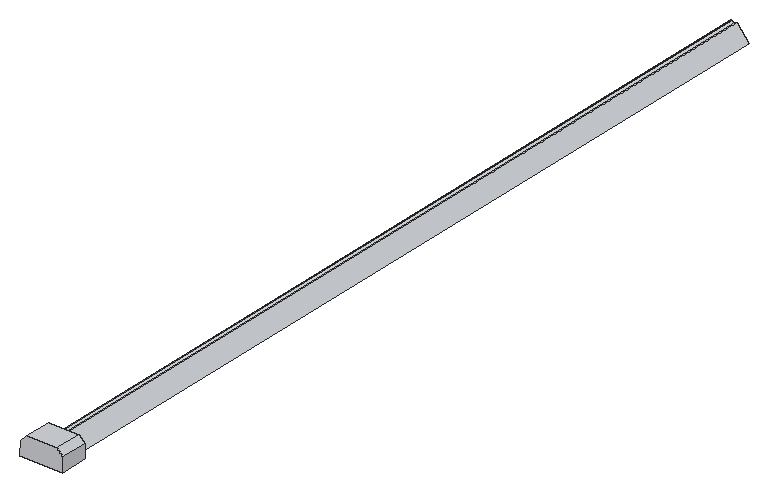
Revit family "DES3-30-50", category Mechanical Equipment, Revit 2012
Parameters
  Weight = "160 Pounds"
  Voltage = 120 V
  URL = "www.DetroitRadiant.com"
  Top Clearance = 0' - 6"
  Stage = "Single"
  Side Clearances = 0' - 9"
  Recommended Mounting Height = "10' to 16'"
  Model = "DES3-30-50"
  Material (Radiant Tubes) = "Hot Rolled Steel"
  Material (Combustion Tube) = "Black Coated Aluminized Steel"
  Manufacturer = "Detroit Radiant Products Company"
  Length = 31' - 5"
  Heat Gain (High Fire) = 50000.0 Btu/h
  Gas Type = "N or LP"
  Frequency = 60 Hz
  Below Clearance = 3' - 11"
Reference planes (in)
  plane 1 "Center (Front/Back)": y = 0
  plane 2: z = 0
  plane 3 "Center (Left/Right)": x = 0
Dimensions and locks (in)
  aligned and locked: plane 2 to level
Nested families (in)
  nested 1: "V3 Box With 30' Tube Assembly" at (0, 0, 0) x (-1, 0, 0) z (0, 0, 1), type "Infra-Red"
Definition of nested family "V3 Box With 30' Tube Assembly"
  Parameters (values of type "Infra-Red")
    Weight = ""
    Voltage = 0 V
    URL = "www.DetroitRadiant.com"
    Top Clearance = 0' - 0"
    Stage = ""
    Side Clearances = 0' - 0"
    Recommended Mounting Height = ""
    Material = ""
    Manufacturer = "Detroit Radiant Products Company"
    Length = 0' - 0"
    Heat Gain (Low Fire) = 0.0 Btu/h
    Heat Gain (High Fire) = 0.0 Btu/h
    Gas Type = ""
    Frequency = 0 Hz
    Current = 0 A
    Below Clearance = 0' - 0"
    Back Clearance = 0' - 0"
    Apparent Power = 0 VA
  Reference planes (in)
    plane 1 "Center (Front/Back)": y = 0
    plane 2: z = 0
    plane 3 "Center (Left/Right)": x = 0
  Forms (in)
    Extrusion 1, solid
      sketch origin (0, 0, 0) x (1, 0, 0) y (0, 0, 1)
        loop
          line (-6.375, 8.625) -> (-9, 6) -> (-9, 0) -> (9.5, 0) -> (9.5, 6) -> (6.875, 8.625) -> (-6.375, 8.625)
      from 12 to 0
    Extrusion 2, solid
      sketch origin (0, -12, 0) x (1, 0, 0) y (0, 0, 1)
        loop
          line (-6.25, 1.1425) -> (-6, 1.1425) -> (-1.00787, 7.21737) -> (0.25, 6.625) -> (1.50787, 7.21737) -> (6.5, 1.1425) -> (6.75, 1.1425) -> (1.54, 7.4825) -> (0.25, 6.875) -> (-1.04, 7.4825) -> (-6.25, 1.1425)
      from 365 to 0
  Lines and regions (in)
    model lines
      curve 1: line (-9, 0, 0) -> (9.5, 0, 0)
  Dimensions and locks (in)
    aligned and locked: plane 2 to level
  Nested families (in)
    nested 1: "20' Tube (Black)" at (13.81098, -248, 0) x (0, 1, 0) z (0, 0, 1), type "10' Burner"
    nested 2: "10' Tube" at (13.81098, -132, 0) x (0, 1, 0) z (0, 0, 1), type "10' Burner"
  Definition of nested family "20' Tube (Black)"
    Parameters (values of type "10' Burner")
      h = 0.0 Btu/h
      Tube = none
      Reflector = none
      Heating = 50000 VA  # 170607.1 Btu/h
      Hanger = none
    Reference planes (in)
      plane 1 "Center (Front/Back)": y = 0
      plane 2: z = 0
      plane 3 "Center (Left/Right)": x = 0
    Forms (in)
      Extrusion 1, solid, material "Default 3"
        sketch origin (96, 292.12195, 0) x (0, -1, 0) y (0, 0, 1)
          loop
            circle (278.56098, 1.61442) r 2
          loop
            circle (278.56098, 1.61442) r 1.80078
        from 116 to 0
      Extrusion 2, solid, material "Default 3"
        sketch origin (-24, -265, 0) x (0, 1, 0) y (0, 0, 1)
          loop
            circle (278.56098, 1.61442) r 1.60156
          loop
            circle (278.56098, 1.61442) r 1.80078
        from 4 to 0
      Extrusion 3, solid, material "Default 3"
        sketch origin (-20, 292.12195, 0) x (0, -1, 0) y (0, 0, 1)
          loop
            circle (278.56098, 1.61442) r 2
          loop
            circle (278.56098, 1.61442) r 1.80078
        from 105 to 0
      Extrusion 4, solid, material "Default 3"
        sketch origin (-129, -265, 0) x (0, 1, 0) y (0, 0, 1)
          loop
            circle (278.56098, 1.61442) r 1.60156
          loop
            circle (278.56098, 1.61442) r 1.80078
        from 4 to 0
    Lines and regions (in)
      model lines
        curve 1: circle (0, 13.56098, 1.61442) r 1.80078 normal (1, 0, 0)
        curve 2: circle (0, 13.56098, 1.61442) r 1.60156 normal (1, 0, 0)
    Dimensions and locks (in)
      aligned and locked: plane 2 to level
  Definition of nested family "10' Tube"
    Parameters (values of type "Tube")
      h = 0.0 Btu/h
      Tube = none
      Reflector = none
      Heating = 50000 VA  # 170607.1 Btu/h
      Hanger = none
    Types (2): name
      10' Burner
      Tube
    Reference planes (in)
      plane 1 "Center (Front/Back)": y = 0
      plane 2: z = 0
      plane 3 "Center (Left/Right)": x = 0
    Forms (in)
      Extrusion 1, solid, material "Default 3"
        sketch origin (120, 292.12195, 0) x (0, -1, 0) y (0, 0, 1)
          loop
            circle (278.56098, 1.61442) r 2
          loop
            circle (278.56098, 1.61442) r 1.80078
        from 140 to 0
      Extrusion 2, solid, material "Default 3"
        sketch origin (-24, -265, 0) x (0, 1, 0) y (0, 0, 1)
          loop
            circle (278.56098, 1.61442) r 1.60156
          loop
            circle (278.56098, 1.61442) r 1.80078
        from 4 to 0
    Lines and regions (in)
      model lines
        curve 1: circle (0, 13.56098, 1.61442) r 1.80078 normal (1, 0, 0)
        curve 2: circle (0, 13.56098, 1.61442) r 1.60156 normal (1, 0, 0)
    Dimensions and locks (in)
      aligned and locked: plane 2 to level
